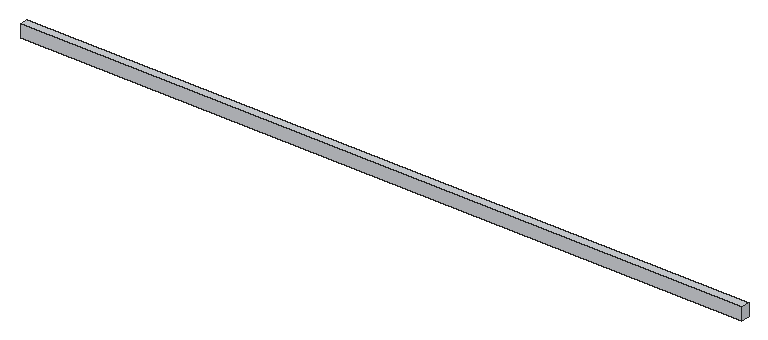
Revit family "LUMINOUS NEON RGBX 1217_NF1217RGBX", category Luminarias, Revit 2019
Family settings
  Cota de conector redondo = Diámetro de uso
  Tipo de pieza = Normal
  Se basa en plano de trabajo = Sí
  Siempre vertical = No
  Corte con vacíos al cargar = No
  Origen de luz = Sí
  Compartido = No
  Punto de cálculo de habitación = No
Parameters (values of type "LUMINOUS NEON RGBX 1217_NF1217RGBX")
  Zone [instance] = ""
  Watt per fixture [instance] = (Longitud / 1000 mm) * (20.2)  # 20.2
  Wattage = 20.2 W
  built-in parameter 1150107 = 4000 (stored number, unit not read)
  Light Source Symbol Size = 609.6 mm
  built-in parameter 1150110 = 1 (stored number, unit not read)
  built-in parameter 1150109 = 1 (stored number, unit not read)
  built-in parameter 1150112 = 1 (stored number, unit not read)
  built-in parameter 1150113 = 1 (stored number, unit not read)
  built-in parameter 1114218 = 1 (stored number, unit not read)
  built-in parameter 1150137 = (empty or 0)
  built-in parameter 1150132 = (empty or 0)
  Modelo Lampara = "2835 SMD"
  Modelo = "NF1217RGBX"
  Marca = "BRILLANT"
  Longitud de línea de emisión = 600 mm
  Longitud [instance] = 1000 mm
  built-in parameter 1150105 = 334.35 (stored number, unit not read)
  built-in parameter 1150102 = (empty or 0)
  built-in parameter 1150106 = 3.3435 (stored number, unit not read)
  Lumens = 1050.4 lm
  Color Filter = 16777215
  built-in parameter 1114217 = 1 (stored number, unit not read)
  built-in parameter 1150139 = (empty or 0)
  Fabricante = "BRILLANT"
  Default Elevation = 0 mm
  built-in parameter 1150104 = 4.831 (stored number, unit not read)
  Descripción = "TIRA LUMINOSA NEON RGBX 1217, CON UNA POTENCIA DE 20.2W/M DE UN TIPO DE LED 2835 SMD, USO PARA EXTERIORES IP67, IK 08, PRESENTACION DE 5M, CORTE 7.143CM, TEMPERATURA EN RGB R 620-630nm G 525-530nm B 465-470nm, AMPERAJE A 0.75A, ALIMENTADO A 24V, REQUIERE ACCESORIOS."
  built-in parameter 1150115 = 1 (stored number, unit not read)
  built-in parameter 1150114 = 1 (stored number, unit not read)
  Costo USD_NF1217RGBX [instance] = (Longitud / 1000 mm) * (46)  # 46
  Comentarios de vataje = "24V"
  built-in parameter 1150138 = (empty or 0)
  built-in parameter 1150134 = 12
  Circuit [instance] = ""
  Dimming Lamp Color Temperature Shift = (empty or 0)
  Ancho = 12 mm
  Altura = 17 mm
  built-in parameter 1150133 = 10 (stored number, unit not read)
Reference planes
  plane 1 "Centro (Frontal/Posterior)": y = 0
  plane 2: z = 0
  plane 3 "Centro (Izquierda/Derecha)": x = 0
  plane 4 "IZQ": x = -1000
  plane 5: z = 17
  plane 6 "DER": x = 0
  plane 7: y = -6
  plane 8: y = 6
Forms (mm)
  Extrusion 1, solid
    sketch origin (0, 0, 0) x (1, 0, 0) y (0, 1, 0)
      loop
        line (-1000, 6) -> (-1000, -6) -> (0, -6) -> (0, 6) -> (-1000, 6)
    from 0 to 17
Dimensions and locks
  plane 5 to imposter light = 17 mm
  "Longitud": plane 4 "IZQ" to plane 6 "DER"
  equal spacing: plane 7, plane 1 "Centro (Frontal/Posterior)", plane 8
  plane 7 to plane 1 "Centro (Frontal/Posterior)" = 6 mm
  "Ancho": plane 7 to plane 8
  "Altura": plane 5 to plane 2
  "Longitud": plane 4 "IZQ" to plane 3 "Centro (Izquierda/Derecha)"
  aligned and locked: level to plane 2
  aligned and locked: plane 4 "IZQ" to Extrusion 1
  aligned and locked: plane 5 to Extrusion 1
  aligned and locked: Extrusion 1 to plane 7
  aligned and locked: plane 3 "Centro (Izquierda/Derecha)" to Extrusion 1
Automatic sketch dimensions
  Extrusion 1 sketch curve to plane 4 "IZQ" = 0 mm
  plane 7 to Extrusion 1 sketch curve = 0 mm
  Extrusion 1 sketch curve to plane 1 "Centro (Frontal/Posterior)" = 6 mm
  Extrusion 1 sketch curve to plane 6 "DER" = 0 mm
Connectors
  electrical at (0, 0, 8.5)
    settings: on Extrusion 1, index 1, voltage 24 V, apparent load 0 VA, apparent load phase1 0 VA, apparent load phase2 0 VA, apparent load phase3 0 VA, power factor 1, load classification "Otro", number of poles 1, system type 31, power factor state 1, is connector primary yes, connector utility no, sub classification motor no, connector description ""
